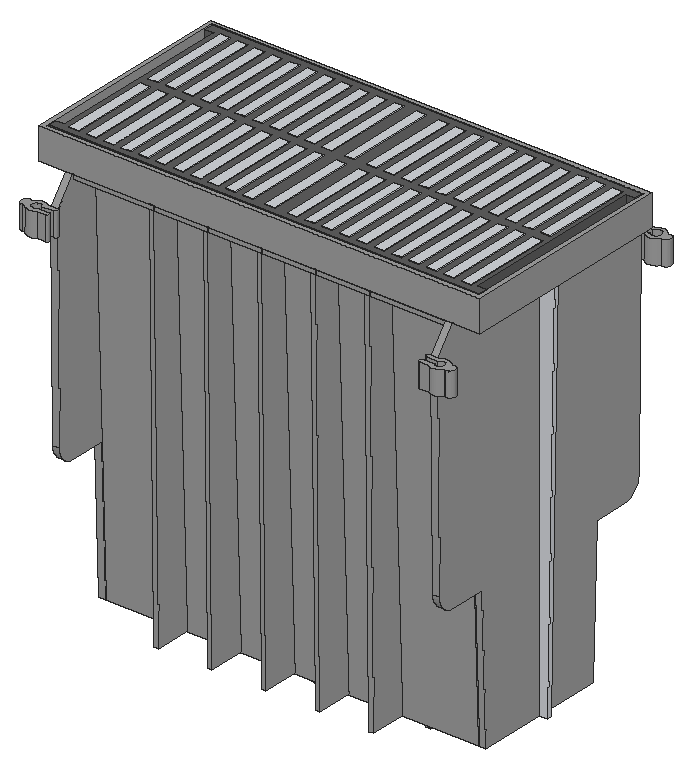
Revit family "Basin_Catch_12X24-Zurn-Z887-12", category Plumbing Fixtures, Revit 2022
Family settings
  Round Connector Dimension = Use Radius
  Part Type = Normal
  OmniClass Number = 23.70.50.21.24.14
  OmniClass Title = Deck Waste Water Drains
  Work Plane-Based = No
  Always vertical = Yes
  Cut with Voids When Loaded = No
  Maintain Annotation Orientation = No
  Shared = No
  Room Calculation Point = No
Parameters (values of type "Z887-12 With 3 Inch No Hub Bottom Outlet")
  Waste Connection = 1 = 1  # yes
  WFU = 1  # constant formula
  Vent Connection = 1 = 0  # no
  URL = "www.zurn.com"
  Type Comments = "Z887-12 With 3 Inch No Hub Bottom Outlet"
  Product data url = "https://www.bimobject.com/en-us/zurnindustries/product/zurn-z887-12"
  Product Page URL = "https://www.zurn.com/products/drainage-interceptors/trench-drain-systems/catch-basin/z887-12"
  Product Documentation Link = "https://files.zurn.com/spec-sheets/z887-12.pdf"
  Pipe Size_A End Outer Radius = Pipe Size_A End Outer Diameter / 2  # 1.750"
  Pipe Size_A End Outer Diameter = 3.500"
  Pipe Size_A End Nominal Radius = Pipe Size_A End Nominal Diameter / 2  # 1.500"
  Pipe Size_A End Nominal Diameter = 3.000"
  Pipe Size_A End Inside Radius = Pipe Size_A End Inside Diameter / 2  # 1.534"
  Pipe Size_A End Inside Diameter = 3.068"
  Pipe Size_A Bottom Outer Radius = Pipe Size_A Bottom Outer Diameter / 2  # 1.750"
  Pipe Size_A Bottom Outer Diameter = 3.500"
  Pipe Size_A Bottom Nominal Radius = Pipe Size_A Bottom Nominal Diameter / 2  # 1.500"
  Pipe Size_A Bottom Nominal Diameter = 3.000"
  Pipe Size_A Bottom Inside Radius = Pipe Size_A Bottom Inside Diameter / 2  # 1.534"
  Pipe Size_A Bottom Inside Diameter = 3.068"
  Modified Date = "12/02/2025"  # constant formula
  Model = "Z887-12"
  Manufacurer Brand = "Zurn"  # constant formula
  Manufacturer = "Zurn Water, LLC"  # constant formula
  Main Material = Polymer - Zurn - HDPE - Grey
  HWFU = 0  # constant formula
  HW Connection = 1 = 0  # no
  Grate = Ductile Iron - Zurn - Polished
  End Outlet = no
  Description = "12 [305] WIDE REVEAL BY 24-9/16 [624] LONG CATCH BASIN"  # constant formula
  Default Elevation = 20.000"  # constant formula
  Date Created = "05/12/2021"  # constant formula
  CWFU = 0  # constant formula
  CW Connection = 1 = 0  # no
  Bottom Outlet = yes
  Assembly Code = "D2030300"
Reference planes (in)
  plane 1 "Center (Front/Back)": y = 0
  plane 2: z = 0
  plane 3 "Center (Left/Right)": x = 0
  plane 4: x = 6
  plane 5: x = -6
  plane 6 "001": z = -24
  plane 7: y = 6.2547
  plane 8: y = -6.2453
  plane 9: y = 5.2547
  plane 10: y = -5.2453
  plane 11: x = -11.969
  plane 12: x = 11.969
  plane 13: y = 5.6297
  plane 14: y = -5.6203
  plane 15: y = 5.28001
  plane 16: y = -5.27061
  plane 17: x = -0.97168
  plane 18: x = -1.50832
  plane 19: x = -1.94168
  plane 20: x = -2.47832
  plane 21: x = -2.91168
  plane 22: x = -3.44832
  plane 23: x = -3.88168
  plane 24: x = -4.41832
  plane 25: x = -4.85168
  plane 26: x = -5.38832
  plane 27: x = -5.82168
  plane 28: x = -6.35832
  plane 29: x = -6.79168
  plane 30: x = -7.32832
  plane 31: x = -7.76168
  plane 32: x = -8.29832
  plane 33: x = -8.73168
  plane 34: x = -9.26832
  plane 35: x = -9.70168
  plane 36: x = 9.96875
  plane 37: x = 0.97168
  plane 38: x = 1.50832
  plane 39: x = 1.94168
  plane 40: x = 2.47832
  plane 41: x = 2.91168
  plane 42: x = 3.44832
  plane 43: x = 3.88168
  plane 44: x = 4.41832
  plane 45: x = 4.85168
  plane 46: x = 5.38832
  plane 47: x = 5.82168
  plane 48: x = 6.35832
  plane 49: x = 6.79168
  plane 50: x = 7.32832
  plane 51: x = 7.76168
  plane 52: x = 8.29832
  plane 53: x = 8.73168
  plane 54: x = 9.26832
  plane 55: x = 9.70168
  plane 56: x = -0.2685
  plane 57: x = 0.2685
  plane 58: y = 0.25
  plane 59: y = -0.2953
  plane 60: x = 11.3125
  plane 61: z = -1.771
  plane 62: z = -3.0835
  plane 63: y = -4.4953
  plane 64: y = 4.5047
  plane 65: y = -3.71405
  plane 66: y = 3.72345
  plane 67: z = -1.771
  plane 68: z = -3.0835
  plane 69: z = -1.75
  plane 70: z = -3.0835
  plane 71: z = -1.771
  plane 72: z = -3.0835
  plane 73: z = -1.771
  plane 74: z = -3.0835
  plane 75: x = -9.70168
  plane 76: x = -10.23832
  plane 77: x = -10.67168
  plane 78: x = -11.20832
  plane 79: x = 9.70168
  plane 80: x = 10.23832
  plane 81: x = 10.67168
  plane 82: x = 10.67168
  plane 83: x = 10.67168
  plane 84: x = 11.20832
  plane 85: x = 11.64168
  plane 86: x = -10.67168
  plane 87: x = -10.67168
  plane 88: x = -11.20832
  plane 89: x = -11.64168
  plane 90: y = 7.5
  plane 91: x = 10.8402
  plane 92: z = -1.771
  plane 93: z = -3.0835
  plane 94: z = -1.75
  plane 95: y = 6
  plane 96: y = -6
  plane 97: y = -13.1053
  plane 98: y = 12.42505
  plane 99: x = -11.78125
  plane 100: x = 9.97918
  plane 101: y = 4.48437
  plane 102: y = -4.48438
  plane 103: x = -10.78125
  plane 104: x = 10.78125
  plane 105: x = 11.969
  plane 106: x = 0.97168
  plane 107: x = 1.50832
  plane 108: x = 1.94168
  plane 109: x = 2.47832
  plane 110: x = 2.91168
  plane 111: x = 3.44832
  plane 112: x = 3.88168
  plane 113: x = 4.41832
  plane 114: x = 4.85168
  plane 115: x = 5.38832
  plane 116: x = 5.82168
  plane 117: x = 6.35832
  plane 118: x = 6.79168
  plane 119: x = 7.32832
  plane 120: x = 7.76168
  plane 121: x = 8.29832
  plane 122: x = 8.73168
  plane 123: x = 9.26832
  plane 124: x = 9.70168
  plane 125: y = 0.25
  plane 126: y = -0.2953
  plane 127: x = 9.70168
  plane 128: x = 10.23832
  plane 129: x = 10.67168
  plane 130: x = 11.20832
  plane 131: x = 10.67168
  plane 132: x = 10.67168
  plane 133: x = 11.20832
  plane 134: x = 11.64168
  plane 135: x = -12
  plane 136 "002": x = 12
  plane 137 "End Outlet": x = 12.29688
  plane 138: x = -12.29687
  plane 139: y = -5.6875
  plane 140: y = 5.6875
  plane 141: y = 1.534
  plane 142: y = -1.534
  plane 143: y = 1.75
  plane 144: y = -1.75
  plane 145: x = -1.5
  plane 146: x = 1.5
  plane 147: x = 1.75
  plane 148: x = -1.75
  plane 149: x = 1.534
  plane 150: x = -1.534
  plane 151: x = -11.2552
  plane 152: y = 7.61001
  plane 153: x = -10.8402
  plane 154: x = -11.2552
  plane 155: y = -7.47782
  plane 156: x = -10.8402
  plane 157: z = -1.771
  plane 158: z = -3.0835
  plane 159: z = -19
  plane 160: z = -22
  plane 161: z = -20.5
  plane 162: y = 3
  plane 163: y = -3
  plane 164: y = 1.5
  plane 165: y = -1.5
  plane 166 "Outlet": z = -25.5
  plane 167: x = -11.2552
  plane 168: y = 7.5
  plane 169: x = -10.8402
  plane 170: x = -11.2552
  plane 171: y = -7.58783
  plane 172: x = -10.8402
  plane 173: x = -11.2552
  plane 174: y = -7.47782
  plane 175: x = -10.8402
  plane 176: x = 11.2552
  plane 177: y = -7.47782
  plane 178: x = 10.8402
  plane 179: x = 11.2552
  plane 180: y = -7.58783
  plane 181: x = 10.8402
  plane 182: x = 11.2552
  plane 183: y = -7.47782
  plane 184: x = 10.8402
Forms (in)
  Extrusion 1, solid, material "Polymer - Zurn - HDPE - Grey" <- "Main Material", detail levels fine
    sketch origin (0.05982, 0.0047, -0.021) x (0, 1, 0) y (0, 0, 1)
      loop
        line (3.71875, -23.979) -> (4.5, -1.979) -> (5.9953, -1.979) -> (5.9953, -1.729) -> (4.25872, -1.729) -> (3.47747, -23.729) -> (-3.47747, -23.729) -> (-4.25872, -1.729) -> (-5.67968, -1.729) -> (-6.0047, -1.729) -> (-6.0047, -1.979) -> (-4.5, -1.979) -> (-3.71875, -23.979) -> (3.71875, -23.979)
    from -10.46607 to 10.34643
  Extrusion 2, solid, material "Polymer - Zurn - HDPE - Grey" <- "Main Material", detail levels fine
    sketch origin (0.0052, 0.11471, -1.24524) x (1, 0, 0) y (0, 1, 0)
      loop
        arc (11.03646, 7.51529) -> (11.60773, 7.38529) -> (11.03646, 7.25529) r 0.30043
        line (11.03646, 7.25529) -> (10.4973, 7.25529)
        arc (10.4973, 7.25529) -> (10.3673, 7.12529) -> (10.4973, 6.99529) r 0.13
        line (10.4973, 6.99529) -> (10.93711, 6.99529)
        arc (10.93711, 6.99529) -> (11.37801, 6.85224) -> (11.76637, 7.10529) r 0.53772
        line (11.76637, 7.10529) -> (11.8703, 7.10529)
        arc (11.8703, 7.10529) -> (12.1503, 7.38529) -> (11.8703, 7.66529) r 0.28
        line (11.8703, 7.66529) -> (11.72155, 7.66529)
        arc (11.72155, 7.66529) -> (11.38209, 7.87966) -> (10.99441, 7.77529) r 0.5
        line (10.99441, 7.77529) -> (10.49721, 7.77529)
        arc (10.49721, 7.77529) -> (10.36721, 7.64529) -> (10.49721, 7.51529) r 0.13
        line (10.49721, 7.51529) -> (11.03646, 7.51529)
      loop
        line (-11.04685, 7.51529) -> (-10.4503, 7.51529)
        arc (-10.4503, 7.51529) -> (-10.3203, 7.64529) -> (-10.4503, 7.77529) r 0.13
        line (-10.4503, 7.77529) -> (-10.9475, 7.77529)
        arc (-10.9475, 7.77529) -> (-11.33518, 7.87966) -> (-11.67464, 7.66529) r 0.5
        line (-11.67464, 7.66529) -> (-11.82339, 7.66529)
        arc (-11.82339, 7.66529) -> (-12.10339, 7.38529) -> (-11.82339, 7.10529) r 0.28
        line (-11.82339, 7.10529) -> (-11.67464, 7.10529)
        arc (-11.67464, 7.10529) -> (-11.33518, 6.89091) -> (-10.9475, 6.99529) r 0.5
        line (-10.9475, 6.99529) -> (-10.39823, 6.99529)
        arc (-10.39823, 6.99529) -> (-10.26823, 7.12529) -> (-10.39823, 7.25529) r 0.13
        line (-10.39823, 7.25529) -> (-11.04685, 7.25529)
        arc (-11.04685, 7.25529) -> (-11.51039, 7.38529) -> (-11.04685, 7.51529) r 0.25
      loop
        arc (-11.04685, -7.72253) -> (-11.51039, -7.59253) -> (-11.04685, -7.46253) r 0.25
        line (-11.04685, -7.46253) -> (-10.39823, -7.46253)
        arc (-10.39823, -7.46253) -> (-10.26823, -7.33253) -> (-10.39823, -7.20253) r 0.13
        line (-10.39823, -7.20253) -> (-10.9475, -7.20253)
        arc (-10.9475, -7.20253) -> (-11.33518, -7.09815) -> (-11.67464, -7.31253) r 0.5
        line (-11.67464, -7.31253) -> (-11.82339, -7.31253)
        arc (-11.82339, -7.31253) -> (-12.10339, -7.59253) -> (-11.82339, -7.87253) r 0.28
        line (-11.82339, -7.87253) -> (-11.67464, -7.87253)
        arc (-11.67464, -7.87253) -> (-11.33518, -8.0869) -> (-10.9475, -7.98253) r 0.5
        line (-10.9475, -7.98253) -> (-10.4503, -7.98253)
        arc (-10.4503, -7.98253) -> (-10.3203, -7.85253) -> (-10.4503, -7.72253) r 0.13
        line (-10.4503, -7.72253) -> (-11.04685, -7.72253)
      loop
        line (11.03646, -7.72253) -> (10.4399, -7.72253)
        arc (10.4399, -7.72253) -> (10.3099, -7.85253) -> (10.4399, -7.98253) r 0.13
        line (10.4399, -7.98253) -> (10.93711, -7.98253)
        arc (10.93711, -7.98253) -> (11.32479, -8.0869) -> (11.66425, -7.87253) r 0.5
        line (11.66425, -7.87253) -> (11.813, -7.87253)
        arc (11.813, -7.87253) -> (12.093, -7.59253) -> (11.813, -7.31253) r 0.28
        line (11.813, -7.31253) -> (11.66425, -7.31253)
        arc (11.66425, -7.31253) -> (11.32479, -7.09815) -> (10.93711, -7.20253) r 0.5
        line (10.93711, -7.20253) -> (10.38784, -7.20253)
        arc (10.38784, -7.20253) -> (10.25784, -7.33253) -> (10.38784, -7.46253) r 0.13
        line (10.38784, -7.46253) -> (11.03646, -7.46253)
        arc (11.03646, -7.46253) -> (11.5, -7.59253) -> (11.03646, -7.72253) r 0.25
    from -1.75 to -3.0625
  Extrusion 3, solid, material "Polymer - Zurn - HDPE - Grey" <- "Main Material", visible <- "End Outlet", detail levels fine
    sketch origin (0.15711, -0.03899, -1.29771) x (0, 1, 0) y (0, 0, 1)
      loop
        circle (0.03899, -19.20229) r 1.75
    from 9.82207 to 12.13976
  Extrusion 4, solid, detail levels fine
    sketch origin (0, 0.0047, -0.021) x (1, 0, 0) y (0, 1, 0)
      loop
        line (-0.97168, 5.27531) -> (-1.50832, 5.27531) -> (-1.50832, 0.2453) -> (-0.97168, 0.2453) -> (-0.97168, 5.27531)
      loop
        line (-1.94168, 5.27531) -> (-2.47832, 5.27531) -> (-2.47832, 0.2453) -> (-1.94168, 0.2453) -> (-1.94168, 5.27531)
      loop
        line (-2.91168, 5.27531) -> (-3.44832, 5.27531) -> (-3.44832, 0.2453) -> (-2.91168, 0.2453) -> (-2.91168, 5.27531)
      loop
        line (-3.88168, 5.27531) -> (-4.41832, 5.27531) -> (-4.41832, 0.2453) -> (-3.88168, 0.2453) -> (-3.88168, 5.27531)
      loop
        line (-4.85168, 5.27531) -> (-5.38832, 5.27531) -> (-5.38832, 0.2453) -> (-4.85168, 0.2453) -> (-4.85168, 5.27531)
      loop
        line (-5.82168, 5.27531) -> (-6.35832, 5.27531) -> (-6.35832, 0.2453) -> (-5.82168, 0.2453) -> (-5.82168, 5.27531)
      loop
        line (-6.79168, 5.27531) -> (-7.32832, 5.27531) -> (-7.32832, 0.2453) -> (-6.79168, 0.2453) -> (-6.79168, 5.27531)
      loop
        line (-7.76168, 5.27531) -> (-8.29832, 5.27531) -> (-8.29832, 0.2453) -> (-7.76168, 0.2453) -> (-7.76168, 5.27531)
      loop
        line (-8.73168, 5.27531) -> (-9.26832, 5.27531) -> (-9.26832, 0.2453) -> (-8.73168, 0.2453) -> (-8.73168, 5.27531)
      loop
        line (-0.97168, -5.27531) -> (-0.97168, -0.3) -> (-1.50832, -0.3) -> (-1.50832, -5.27531) -> (-0.97168, -5.27531)
      loop
        line (-1.94168, -5.27531) -> (-1.94168, -0.3) -> (-2.47832, -0.3) -> (-2.47832, -5.27531) -> (-1.94168, -5.27531)
      loop
        line (-2.875, -5.27531) -> (-2.875, -0.3) -> (-3.44832, -0.3) -> (-3.44832, -5.27531) -> (-2.875, -5.27531)
      loop
        line (-3.88168, -5.27531) -> (-3.88168, -0.3) -> (-4.41832, -0.3) -> (-4.41832, -5.27531) -> (-3.88168, -5.27531)
      loop
        line (-4.85168, -5.27531) -> (-4.85168, -0.3) -> (-5.38832, -0.3) -> (-5.38832, -5.27531) -> (-4.85168, -5.27531)
      loop
        line (-5.875, -5.27531) -> (-5.875, -0.3) -> (-6.35832, -0.3) -> (-6.35832, -5.27531) -> (-5.875, -5.27531)
      loop
        line (-6.79168, -5.27531) -> (-6.79168, -0.3) -> (-7.32832, -0.3) -> (-7.32832, -5.27531) -> (-6.79168, -5.27531)
      loop
        line (-7.76168, -5.27531) -> (-7.76168, -0.3) -> (-8.29832, -0.3) -> (-8.29832, -5.27531) -> (-7.76168, -5.27531)
      loop
        line (-8.73168, -5.27531) -> (-8.73168, -0.3) -> (-9.26832, -0.3) -> (-9.26832, -5.27531) -> (-8.73168, -5.27531)
      loop
        line (0.97168, 5.27531) -> (0.97168, 0.2453) -> (1.50832, 0.2453) -> (1.50832, 5.27531) -> (0.97168, 5.27531)
      loop
        line (1.94168, 5.27531) -> (1.94168, 0.2453) -> (2.47832, 0.2453) -> (2.47832, 5.27531) -> (1.94168, 5.27531)
      loop
        line (2.91168, 5.27531) -> (2.91168, 0.2453) -> (3.44832, 0.2453) -> (3.44832, 5.27531) -> (2.91168, 5.27531)
      loop
        line (3.88168, 5.27531) -> (3.88168, 0.2453) -> (4.41832, 0.2453) -> (4.41832, 5.27531) -> (3.88168, 5.27531)
      loop
        line (4.85168, 5.27531) -> (4.85168, 0.2453) -> (5.38832, 0.2453) -> (5.38832, 5.27531) -> (4.85168, 5.27531)
      loop
        line (5.82168, 5.27531) -> (5.82168, 0.2453) -> (6.35832, 0.2453) -> (6.35832, 5.27531) -> (5.82168, 5.27531)
      loop
        line (6.79168, 5.27531) -> (6.79168, 0.2453) -> (7.32832, 0.2453) -> (7.32832, 5.27531) -> (6.79168, 5.27531)
      loop
        line (7.76168, 5.27531) -> (7.76168, 0.2453) -> (8.29832, 0.2453) -> (8.29832, 5.27531) -> (7.76168, 5.27531)
      loop
        line (8.73168, 5.27531) -> (8.73168, 0.2453) -> (9.26832, 0.2453) -> (9.26832, 5.27531) -> (8.73168, 5.27531)
      loop
        line (0.97168, -5.27531) -> (1.50832, -5.27531) -> (1.50832, -0.3) -> (0.97168, -0.3) -> (0.97168, -5.27531)
      loop
        line (1.94168, -5.27531) -> (2.47832, -5.27531) -> (2.47832, -0.3) -> (1.94168, -0.3) -> (1.94168, -5.27531)
      loop
        line (2.91168, -5.27531) -> (3.44832, -5.27531) -> (3.44832, -0.3) -> (2.91168, -0.3) -> (2.91168, -5.27531)
      loop
        line (3.88168, -5.27531) -> (4.41832, -5.27531) -> (4.41832, -0.3) -> (3.88168, -0.3) -> (3.88168, -5.27531)
      loop
        line (4.85168, -5.27531) -> (5.38832, -5.27531) -> (5.38832, -0.3) -> (4.85168, -0.3) -> (4.85168, -5.27531)
      loop
        line (5.82168, -5.27531) -> (6.35832, -5.27531) -> (6.35832, -0.3) -> (5.82168, -0.3) -> (5.82168, -5.27531)
      loop
        line (6.79168, -5.27531) -> (7.32832, -5.27531) -> (7.32832, -0.3) -> (6.79168, -0.3) -> (6.79168, -5.27531)
      loop
        line (7.76168, -5.27531) -> (8.29832, -5.27531) -> (8.29832, -0.3) -> (7.76168, -0.3) -> (7.76168, -5.27531)
      loop
        line (8.73168, -5.27531) -> (9.26832, -5.27531) -> (9.26832, -0.3) -> (8.73168, -0.3) -> (8.73168, -5.27531)
      loop
        line (-0.2685, -5.27531) -> (0.2685, -5.27531) -> (0.2685, -0.3) -> (-0.2685, -0.3) -> (-0.2685, -5.27531)
      loop
        line (0.2685, 5.27531) -> (-0.2685, 5.27531) -> (-0.2685, 0.2453) -> (0.2685, 0.2453) -> (0.2685, 5.27531)
      loop
        line (-9.70168, 5.27531) -> (-10.23832, 5.27531) -> (-10.23832, 0.2453) -> (-9.70168, 0.2453) -> (-9.70168, 5.27531)
      loop
        line (-9.70168, -5.27531) -> (-9.70168, -0.3) -> (-10.23832, -0.3) -> (-10.23832, -5.27531) -> (-9.70168, -5.27531)
      loop
        line (-10.67168, 5.27531) -> (-11.20832, 5.27531) -> (-11.20832, 0.2453) -> (-10.67168, 0.2453) -> (-10.67168, 5.27531)
      loop
        line (9.70168, 5.27531) -> (9.70168, 0.2453) -> (10.23832, 0.2453) -> (10.23832, 5.27531) -> (9.70168, 5.27531)
      loop
        line (9.70168, -5.27531) -> (10.23832, -5.27531) -> (10.23832, -0.3) -> (9.70168, -0.3) -> (9.70168, -5.27531)
      loop
        line (10.67168, -5.27531) -> (11.20832, -5.27531) -> (11.20832, -0.3) -> (10.67168, -0.3) -> (10.67168, -5.27531)
      loop
        line (10.67168, 5.27531) -> (10.67168, 0.2453) -> (11.20832, 0.2453) -> (11.20832, 5.27531) -> (10.67168, 5.27531)
      loop
        line (-10.67168, -5.27531) -> (-10.67168, -0.3) -> (-11.20832, -0.3) -> (-11.20832, -5.27531) -> (-10.67168, -5.27531)
    from -1.38068 to 0.02532
  Extrusion 5, solid, material "Polymer - Zurn - HDPE - Grey" <- "Main Material", visible <- "Bottom Outlet", detail levels fine
    sketch origin (0, 0, -24) x (-1, 0, 0) y (0, -1, 0)
      loop
        circle (0, 0) r 1.75
    from 0 to -1.5
  Extrusion 6, solid, material "Polymer - Zurn - HDPE - Grey" <- "Main Material", detail levels fine
    sketch origin (6, 0.0047, -0.021) x (0, 1, 0) y (0, 0, -1)
      loop
        line (-6.0047, 1.75) -> (5.9953, 1.75) -> (5.70751, 23.979) -> (1.7453, 23.979) -> (1.7453, 25.479) -> (-1.7547, 25.479) -> (-1.7547, 23.979) -> (-5.70752, 23.979) -> (-6.0047, 1.75)
      loop
        circle (0.9953, 24.729) r 0.5
      loop
        circle (-1.0047, 24.729) r 0.5
    from -0.125 to 0.125
  Extrusion 7, solid, material "Polymer - Zurn - HDPE - Grey" <- "Main Material", detail levels fine
    sketch origin (3, 0.0047, -0.021) x (0, 1, 0) y (0, 0, -1)
      loop
        line (5.6828, 23.979) -> (-5.6922, 23.979) -> (-6.0047, 1.729) -> (5.9953, 1.729) -> (5.6828, 23.979)
    from -0.125 to 0.125
  Extrusion 8, solid, material "Polymer - Zurn - HDPE - Grey" <- "Main Material", detail levels fine
    sketch origin (0, 0.0047, -0.021) x (0, 1, 0) y (0, 0, -1)
      loop
        line (5.6828, 23.979) -> (-5.6922, 23.979) -> (-6.0047, 1.729) -> (5.9953, 1.729) -> (5.6828, 23.979)
    from -0.125 to 0.125
  Extrusion 9, solid, material "Polymer - Zurn - HDPE - Grey" <- "Main Material", detail levels fine
    sketch origin (-3, 0.0047, -0.021) x (0, 1, 0) y (0, 0, -1)
      loop
        line (5.6828, 23.979) -> (-5.71056, 23.979) -> (-6.00027, 1.729) -> (5.9953, 1.729) -> (5.6828, 23.979)
    from -0.125 to 0.125
  Extrusion 10, solid, material "Polymer - Zurn - HDPE - Grey" <- "Main Material", detail levels fine
    sketch origin (-6, 0.0047, -0.021) x (0, 1, 0) y (0, 0, -1)
      loop
        line (-6.0047, 1.729) -> (5.9953, 1.729) -> (5.6828, 23.979) -> (1.7453, 23.979) -> (1.7453, 25.479) -> (-1.7547, 25.479) -> (-1.7547, 23.979) -> (-5.6922, 23.979) -> (-6.0047, 1.729)
      loop
        circle (-1.0047, 24.729) r 0.5
      loop
        circle (0.9953, 24.729) r 0.5
    from -0.125 to 0.125
  Extrusion 11, solid, material "Polymer - Zurn - HDPE - Grey" <- "Main Material", detail levels fine
    sketch origin (13.452, 0.17856, -0.021) x (0, 1, 0) y (0, 0, -1)
      loop
        line (5.76227, 16) -> (3.82108, 16) -> (3.55314, 23.979) -> (-3.88584, 23.979) -> (-4.17821, 16) -> (-6.10374, 16)
        arc (-6.10374, 16) -> (-6.80623, 15.7117) -> (-7.10365, 15.01302) r 1
        line (-7.10365, 15.01302) -> (-7.25926, 3.0625) -> (-6.17856, 1.729) -> (5.82144, 1.729) -> (6.93003, 3.0625) -> (6.76217, 15.01404)
        arc (6.76217, 15.01404) -> (6.4644, 15.71205) -> (5.76227, 16) r 1
    from 3.04575 to 2.67075
  Extrusion 12, solid, material "Ductile Iron - Zurn - Polished" <- "Grate", detail levels fine
    sketch origin (-0.08581, 0, 0) x (1, 0, 0) y (0, 1, 0)
      loop
        line (-11.91419, 5.6875) -> (-11.91419, 5.1875) -> (-11.41419, 5.1875) -> (-11.41419, -5.1875) -> (-11.91419, -5.1875) -> (-11.91419, -5.6875) -> (12.08581, -5.6875) -> (12.08581, -5.1875) -> (11.58581, -5.1875) -> (11.58581, 5.1875) -> (12.08581, 5.1875) -> (12.08581, 5.6875) -> (-11.91419, 5.6875)
    from -1.75 to 0
  Extrusion 13, solid, material "Polymer - Zurn - HDPE - Grey" <- "Main Material", detail levels fine
    sketch origin (0, 0, 0) x (1, 0, 0) y (0, 1, 0)
      loop
        line (-12.29687, 6) -> (-12.29687, -6) -> (12.29688, -6) -> (12.29688, 6) -> (-12.29687, 6)
      loop
        line (-12.04687, 5.75) -> (-12.04687, -5.75) -> (12.04688, -5.75) -> (12.04688, 5.75) -> (-12.04687, 5.75)
    from 0 to -1.75
  Extrusion 14, void
    sketch origin (0, 0, 0) x (0, 1, 0) y (0, 0, 1)
      loop
        circle (0, -20.5) r 1.534
    from 10.78125 to 13.49163
  Extrusion 15, void
    sketch origin (0, 0, -24) x (-1, 0, 0) y (0, -1, 0)
      loop
        circle (0, 0) r 1.534
    from 9.4842 to -1.521
  Extrusion 16, solid, material "Polymer - Zurn - HDPE - Grey" <- "Main Material", detail levels fine
    sketch origin (-13.48864, 0.17856, -0.021) x (0, 1, 0) y (0, 0, 1)
      loop
        arc (5.76227, -16) -> (6.46418, -15.71227) -> (6.76217, -15.01466) r 1
        line (6.76217, -15.01466) -> (6.93707, -3.0625) -> (5.82144, -1.729) -> (-6.17856, -1.729) -> (-7.26595, -3.0625) -> (-7.10364, -15.01359)
        arc (-7.10364, -15.01359) -> (-6.80602, -15.7119) -> (-6.10374, -16) r 1
        line (-6.10374, -16) -> (-4.17821, -16) -> (-3.89805, -23.979) -> (3.54092, -23.979) -> (3.82108, -16) -> (5.76227, -16)
    from 3.08239 to 2.70739
  Extrusion 17, solid, detail levels fine
    sketch origin (0, 0, 0) x (-1, 0, 0) y (0, 0, -1)
      loop
        line (10.78125, 1.75) -> (11.65638, 1.75) -> (11.26801, 24) -> (10.78125, 24) -> (10.78125, 1.75)
    from -0.25 to 0.25
  Extrusion 18, solid, visible <- "Bottom Outlet", detail levels fine
    sketch origin (0, 0, 0) x (1, 0, 0) y (0, 0, 1)
      loop
        line (10.78125, -1.75) -> (10.78125, -24) -> (11.26787, -24) -> (11.65625, -1.75) -> (10.78125, -1.75)
    from -0.25 to 0
Cuts and joins
  Extrusion 14 cuts Extrusion 3
  Extrusion 14 cuts Extrusion 6
  Extrusion 14 cuts Extrusion 7
  Extrusion 14 cuts Extrusion 8
  Extrusion 14 cuts Extrusion 11
  Extrusion 15 cuts Extrusion 12
  Extrusion 15 cuts Extrusion 5
Lines and regions (in)
  Masking region 1
    outline origin (0, 0, 0) x (1, 0, 0) y (0, 1, 0)
      loop
        arc (-11.66944, 7.22) -> (-11.32999, 7.00562) -> (-10.94231, 7.11) r 0.5
        line (-10.94231, 7.11) -> (-10.78125, 7.11) -> (-10.78125, 6) -> (-12.29687, 6) -> (-12.29687, -6.0005) -> (-10.78125, -6.0005) -> (-10.78125, -7.08782) -> (-10.94231, -7.08782)
        arc (-10.94231, -7.08782) -> (-11.31647, -6.98159) -> (-11.65355, -7.17564) r 0.5
        line (-11.65355, -7.17564) -> (-11.8182, -7.19782)
        arc (-11.8182, -7.19782) -> (-12.0982, -7.47782) -> (-11.8182, -7.75782) r 0.28
        line (-11.8182, -7.75782) -> (-11.66944, -7.75782)
        arc (-11.66944, -7.75782) -> (-11.32999, -7.97219) -> (-10.94231, -7.86782) r 0.5
        line (-10.94231, -7.86782) -> (-10.4451, -7.86782)
        arc (-10.4451, -7.86782) -> (-10.3151, -7.73782) -> (-10.4451, -7.60782) r 0.13
        line (-10.4451, -7.60782) -> (-11.04166, -7.60782)
        arc (-11.04166, -7.60782) -> (-11.5052, -7.47782) -> (-11.04166, -7.34782) r 0.25
        line (-11.04166, -7.34782) -> (-10.39303, -7.34782)
        arc (-10.39303, -7.34782) -> (-10.2632, -7.2112) -> (-10.40625, -7.08849) r 0.13
        line (-10.40625, -7.08849) -> (-10.40625, -5.9953) -> (10.40625, -5.9953) -> (10.40625, -7.08849)
        arc (10.40625, -7.08849) -> (10.2632, -7.2112) -> (10.39303, -7.34782) r 0.13
        line (10.39303, -7.34782) -> (11.04166, -7.34782)
        arc (11.04166, -7.34782) -> (11.5052, -7.47782) -> (11.04166, -7.60782) r 0.25
        line (11.04166, -7.60782) -> (10.4451, -7.60782)
        arc (10.4451, -7.60782) -> (10.3151, -7.73782) -> (10.4451, -7.86782) r 0.13
        line (10.4451, -7.86782) -> (10.94231, -7.86782)
        arc (10.94231, -7.86782) -> (11.32999, -7.97219) -> (11.66944, -7.75782) r 0.5
        line (11.66944, -7.75782) -> (11.8182, -7.75782)
        arc (11.8182, -7.75782) -> (12.0982, -7.47782) -> (11.8182, -7.19782) r 0.28
        line (11.8182, -7.19782) -> (11.65355, -7.17564)
        arc (11.65355, -7.17564) -> (11.31647, -6.98159) -> (10.94231, -7.08782) r 0.5
        line (10.94231, -7.08782) -> (10.78125, -7.08782) -> (10.78125, -6) -> (12.29688, -6) -> (12.29688, 6) -> (10.78125, 6) -> (10.78125, 7.11) -> (10.94231, 7.11)
        arc (10.94231, 7.11) -> (11.38321, 6.96695) -> (11.77157, 7.22) r 0.53772
        line (11.77157, 7.22) -> (11.8755, 7.22)
        arc (11.8755, 7.22) -> (12.1555, 7.5) -> (11.8755, 7.78) r 0.28
        line (11.8755, 7.78) -> (11.72675, 7.78)
        arc (11.72675, 7.78) -> (11.38729, 7.99438) -> (10.99961, 7.89) r 0.5
        line (10.99961, 7.89) -> (10.5024, 7.89)
        arc (10.5024, 7.89) -> (10.3724, 7.76) -> (10.5024, 7.63) r 0.13
        line (10.5024, 7.63) -> (11.04166, 7.63)
        arc (11.04166, 7.63) -> (11.61293, 7.5) -> (11.04166, 7.37) r 0.30043
        line (11.04166, 7.37) -> (10.5025, 7.37)
        arc (10.5025, 7.37) -> (10.38363, 7.29263) -> (10.40625, 7.15262) r 0.13
        line (10.40625, 7.15262) -> (10.40625, 6) -> (-10.40625, 6) -> (-10.40625, 7.11067)
        arc (-10.40625, 7.11067) -> (-10.2632, 7.23338) -> (-10.39303, 7.37) r 0.13
        line (-10.39303, 7.37) -> (-11.04166, 7.37)
        arc (-11.04166, 7.37) -> (-11.5052, 7.5) -> (-11.04166, 7.63) r 0.25
        line (-11.04166, 7.63) -> (-10.4451, 7.63)
        arc (-10.4451, 7.63) -> (-10.3151, 7.76) -> (-10.4451, 7.89) r 0.13
        line (-10.4451, 7.89) -> (-10.94231, 7.89)
        arc (-10.94231, 7.89) -> (-11.32999, 7.99438) -> (-11.66944, 7.78) r 0.5
        line (-11.66944, 7.78) -> (-11.8182, 7.78)
        arc (-11.8182, 7.78) -> (-12.0982, 7.5) -> (-11.8182, 7.22) r 0.28
        line (-11.8182, 7.22) -> (-11.66944, 7.22)
  model lines, detail levels coarse+medium
    curve 1: line (-12, 5.6875, 0) -> (12, 5.6875, 0)
    curve 2: line (-12, -5.6875, 0) -> (-12, 5.6875, 0)
    curve 3: line (12, -5.6875, 0) -> (-12, -5.6875, 0)
    curve 5: line (-10.28571, 5.6875, 0) -> (-10.28571, -5.6875, 0)
    curve 6: line (-8.57143, 5.6875, 0) -> (-8.57143, -5.6875, 0)
    curve 7: line (-6.85714, 5.6875, 0) -> (-6.85714, -5.6875, 0)
    curve 8: line (-5.14286, 5.6875, 0) -> (-5.14286, -5.6875, 0)
    curve 9: line (-3.42857, 5.6875, 0) -> (-3.42857, -5.6875, 0)
    curve 10: line (-1.71429, 5.6875, 0) -> (-1.71429, -5.6875, 0)
    curve 11: line (0, 5.6875, 0) -> (0, -5.6875, 0)
    curve 12: line (10.28571, 5.6875, 0) -> (10.28571, -5.6875, 0)
    curve 13: line (8.57143, 5.6875, 0) -> (8.57143, -5.6875, 0)
    curve 14: line (6.85714, 5.6875, 0) -> (6.85714, -5.6875, 0)
    curve 15: line (5.14286, 5.6875, 0) -> (5.14286, -5.6875, 0)
    curve 16: line (3.42857, 5.6875, 0) -> (3.42857, -5.6875, 0)
    curve 17: line (1.71429, 5.6875, 0) -> (1.71429, -5.6875, 0)
    curve 18: line (-12, 3.79167, 0) -> (12, 3.79167, 0)
    curve 19: line (-12, 1.89583, 0) -> (12, 1.89583, 0)
    curve 20: line (-12, 0, 0) -> (12, 0, 0)
    curve 21: line (-12, -3.79167, 0) -> (12, -3.79167, 0)
    curve 22: line (-12, -1.89583, 0) -> (12, -1.89583, 0)
    curve 23: line (10.78125, 0, -24) -> (10.78125, 0, -1.75)
    curve 24: line (-10.78125, 0, -24) -> (10.78125, 0, -24)
    curve 29: line (10.78125, 0, -1.75) -> (12, 0, -1.75)
    curve 30: line (12, 0, -1.75) -> (12, 0, 0)
    curve 31: line (-10.78125, 0, -1.75) -> (-10.78125, 0, -24)
    curve 32: line (-10.78125, 0, -1.75) -> (-12, 0, -1.75)
    curve 33: line (-12, 0, -1.75) -> (-12, 0, 0)
    curve 36: line (-12.29687, 6, 0) -> (12.29688, 6, 0)
    curve 37: line (-12.29687, -6, 0) -> (-12.29687, 6, 0)
    curve 38: line (12.29688, -6, 0) -> (-12.29687, -6, 0)
    curve 39: line (12.29688, 6, 0) -> (12.29688, -6, 0)
  model lines
    curve 4: line (12, 5.6875, 0) -> (12, -5.6875, 0)
  model lines, visible <- "Bottom Outlet", detail levels coarse+medium
    curve 25: line (0, 1.5, -25.5) -> (0, -1.5, -25.5)
    curve 26: line (-1.5, 0, -25.5) -> (1.5, 0, -25.5)
    curve 35: line (0, 0, -25.5) -> (0, 0, -24)
  model lines, visible <- "End Outlet", detail levels coarse+medium
    curve 27: line (12.29688, 0, -19) -> (12.29688, 0, -22)
    curve 28: line (12.29688, 1.5, -20.5) -> (12.29688, -1.5, -20.5)
    curve 34: line (10.78125, 0, -20.5) -> (12.29688, 0, -20.5)
Dimensions and locks (in)
  equal spacing: plane 5, plane 3 "Center (Left/Right)", plane 4
  locked: plane 5 to plane 4 at 12
  level to plane 6 "001" = 24.000"
  plane 11 to plane 12 = 23.938"
  locked: plane 11 to plane 12 at 23.938
  plane 14 to plane 13 = 11.250"
  locked: plane 13 to plane 14 at 11.25
  locked: plane 18 to plane 17 at 0.53664
  locked: plane 20 to plane 19 at 0.53664
  locked: plane 19 to plane 18 at 0.43336
  locked: plane 22 to plane 21 at 0.53664
  locked: plane 24 to plane 23 at 0.53664
  locked: plane 26 to plane 25 at 0.53664
  locked: plane 28 to plane 27 at 0.53664
  locked: plane 30 to plane 29 at 0.53664
  locked: plane 32 to plane 31 at 0.53664
  locked: plane 34 to plane 33 at 0.53664
  locked: plane 35 to plane 34 at 0.43336
  locked: plane 21 to plane 20 at 0.43336
  locked: plane 23 to plane 22 at 0.43336
  locked: plane 25 to plane 24 at 0.43336
  locked: plane 27 to plane 26 at 0.43336
  locked: plane 29 to plane 28 at 0.43336
  locked: plane 31 to plane 30 at 0.43336
  locked: plane 33 to plane 32 at 0.43336
  locked: plane 39 to plane 38 at 0.43336
  locked: plane 41 to plane 40 at 0.43336
  locked: plane 43 to plane 42 at 0.43336
  locked: plane 45 to plane 44 at 0.43336
  locked: plane 47 to plane 46 at 0.43336
  locked: plane 49 to plane 48 at 0.43336
  locked: plane 51 to plane 50 at 0.43336
  locked: plane 53 to plane 52 at 0.43336
  locked: plane 54 to plane 55 at 0.43336
  locked: plane 56 to plane 57 at 0.537
  plane 58 to plane 59 = 0.5453"
  plane 65 to plane 66 = 7.4375"
  locked: plane 14 to plane 16 at 0.34969
  locked: plane 13 to plane 15 at 0.34969
  locked: plane 76 to plane 75 at 0.53664
  locked: plane 78 to plane 77 at 0.53664
  locked: plane 80 to plane 81 at 0.43336
  locked: plane 84 to plane 85 at 0.43336
  locked: plane 88 to plane 87 at 0.53664
  locked: level to plane 94 at 1.75
  locked: level to plane 6 "001" at 24
  equal spacing: plane 95, plane 1 "Center (Front/Back)", plane 96
  locked: plane 95 to plane 96 at 12
  plane 99 to plane 3 "Center (Left/Right)" to plane 100 = 11.78125", 9.97918"
  locked: plane 99 to plane 100 at 21.76043
  equal spacing: plane 101, plane 1 "Center (Front/Back)", plane 102
  locked: plane 101 to plane 102 at 8.96875
  locked: level to Extrusion 4 at 1.40169
  plane 103 to plane 3 "Center (Left/Right)" to plane 104 = 10.78125", 10.78125"
  plane 103 to plane 104 = 21.5625"
  plane 1 "Center (Front/Back)" to plane 58 = 0.250"
  locked: plane 107 to plane 106 at 0.53664
  locked: plane 109 to plane 108 at 0.53664
  locked: plane 108 to plane 107 at 0.43336
  locked: plane 111 to plane 110 at 0.53664
  locked: plane 113 to plane 112 at 0.53664
  locked: plane 115 to plane 114 at 0.53664
  locked: plane 117 to plane 116 at 0.53664
  locked: plane 119 to plane 118 at 0.53664
  locked: plane 121 to plane 120 at 0.53664
  locked: plane 123 to plane 122 at 0.53664
  locked: plane 110 to plane 109 at 0.43336
  locked: plane 112 to plane 111 at 0.43336
  locked: plane 114 to plane 113 at 0.43336
  locked: plane 116 to plane 115 at 0.43336
  locked: plane 118 to plane 117 at 0.43336
  locked: plane 120 to plane 119 at 0.43336
  locked: plane 122 to plane 121 at 0.43336
  plane 125 to plane 126 = 0.5453"
  locked: plane 128 to plane 127 at 0.53664
  locked: plane 130 to plane 129 at 0.53664
  locked: plane 133 to plane 132 at 0.53664
  locked: plane 1 "Center (Front/Back)" to plane 125 at 0.25
  equal spacing: plane 135, plane 3 "Center (Left/Right)", plane 136 "002"
  locked: plane 135 to plane 136 "002" at 24
  equal spacing: plane 138, plane 3 "Center (Left/Right)", plane 137 "End Outlet"
  locked: plane 138 to plane 137 "End Outlet" at 24.59375
  plane 140 to plane 1 "Center (Front/Back)" to plane 139 = 5.6875", 5.6875"
  locked: plane 140 to plane 139 at 11.375
  locked: Extrusion 6 sketch curve to plane 1 "Center (Front/Back)" at 1
  locked: plane 1 "Center (Front/Back)" to Extrusion 6 sketch curve at 1
  locked: plane 6 "001" to Extrusion 6 sketch curve at 0.75  (x2)
  equal spacing: plane 143, plane 1 "Center (Front/Back)", plane 144
  "Pipe Size_A End Outer Diameter": plane 143 to plane 144
  equal spacing: plane 141, plane 1 "Center (Front/Back)", plane 142
  "Pipe Size_A End Inside Diameter": plane 141 to plane 142
  Extrusion 3 sketch curve to plane 6 "001" = 3.500"
  Extrusion 14 sketch curve to plane 6 "001" = 3.500"
  equal spacing: plane 145, plane 3 "Center (Left/Right)", plane 146
  equal spacing: plane 148, plane 3 "Center (Left/Right)", plane 147
  equal spacing: plane 150, plane 3 "Center (Left/Right)", plane 149
  "Pipe Size_A Bottom Nominal Diameter": plane 145 to plane 146
  "Pipe Size_A Bottom Inside Diameter": plane 150 to plane 149
  "Pipe Size_A Bottom Outer Diameter": plane 148 to plane 147
  locked: Extrusion 13 sketch curve to Extrusion 13 sketch curve at 0.25  (x4)
  locked: cut or joined group of Extrusion 12, Extrusion 15 to cut or joined group of Extrusion 12, Extrusion 15 at 0.5
  locked: Extrusion 12 sketch curve to Extrusion 12 sketch curve at 0.5  (x2)
  locked: plane 60 to Extrusion 2 sketch curve at 0.563
  locked: Extrusion 2 sketch curve to plane 60 at 0.8101
  equal spacing: Extrusion 2 sketch curve, plane 90, Extrusion 2 sketch curve
  locked: Extrusion 2 sketch curve to Extrusion 2 sketch curve at 0.78  (x4)
  Extrusion 2 sketch curve to plane 90 to Extrusion 2 sketch curve = 0.130" locked, 0.130" locked
  plane 3 "Center (Left/Right)" to plane 154 = 11.2552"
  equal spacing: Extrusion 12 sketch curve, Extrusion 12 sketch curve, plane 1 "Center (Front/Back)"
  plane 101 to Extrusion 12 sketch curve to Extrusion 12 sketch curve = 0.70313" locked, 0.500" locked
  locked: Extrusion 4 sketch curve to Extrusion 4 sketch curve at 0.43336
  locked: Extrusion 4 sketch curve to Extrusion 4 sketch curve at 0.70318  (x2)
  locked: Extrusion 1 sketch curve to Extrusion 13 at 0.25
  locked: Extrusion 1 sketch curve to Extrusion 1 sketch curve at 0.25  (x2)
  Extrusion 11 sketch curve to Extrusion 9 = 1.10239"
  Extrusion 11 sketch curve to cut or joined group of Extrusion 7, Extrusion 14 = 1.12722"
  equal spacing: Extrusion 11 sketch curve, plane 1 "Center (Front/Back)", Extrusion 11 sketch curve  (x2)
  locked: Extrusion 11 sketch curve to Extrusion 11 sketch curve at 7.9993
  locked: Extrusion 11 sketch curve to Extrusion 11 sketch curve at 7.43897
  plane 6 "001" to Extrusion 8 = 22.250"
  equal spacing: cut or joined group of Extrusion 8, Extrusion 14, plane 3 "Center (Left/Right)", cut or joined group of Extrusion 8, Extrusion 14, locked at 0.125 each
  locked: cut or joined group of Extrusion 7, Extrusion 14 to cut or joined group of Extrusion 7, Extrusion 14 at 0.25
  locked: cut or joined group of Extrusion 7, Extrusion 14 to plane 3 "Center (Left/Right)" at 2.875
  locked: Extrusion 9 to Extrusion 9 at 0.25
  locked: plane 3 "Center (Left/Right)" to Extrusion 9 at 2.875
  Extrusion 10 to plane 5 to Extrusion 10 = 0.125" locked, 0.125" locked
  cut or joined group of Extrusion 6, Extrusion 14 to plane 4 to cut or joined group of Extrusion 6, Extrusion 14 = 0.125" locked, 0.125" locked
  Extrusion 2 sketch curve to plane 60 = 0.810"
  locked: plane 1 "Center (Front/Back)" to plane 90 at 7.5
  cut or joined group of Extrusion 11, Extrusion 14 to plane 137 "End Outlet" = 1.51563"
  Extrusion 16 sketch curve to Extrusion 16 sketch curve = 7.9993"
  locked: Extrusion 16 sketch curve to Extrusion 16 sketch curve at 7.9993
  Extrusion 16 sketch curve to Extrusion 16 sketch curve = 7.43897"
  locked: Extrusion 16 sketch curve to Extrusion 16 sketch curve at 7.43897
  plane 103 to Extrusion 16 to Extrusion 16 = 0.000", 0.375"
  locked: cut or joined group of Extrusion 11, Extrusion 14 to cut or joined group of Extrusion 11, Extrusion 14 at 0.375
  locked: Extrusion 16 to Extrusion 16 at 0.375
  locked: plane 104 to plane 3 "Center (Left/Right)" at 10.78125
  locked: plane 3 "Center (Left/Right)" to plane 103 at 10.78125
  equal spacing: curve 1, curve 18, curve 19, curve 20, curve 22, curve 21, curve 3, locked at 1.89583 each
  equal spacing: curve 2, curve 5, curve 6, curve 7, curve 8, curve 9, curve 10, curve 11, curve 17, curve 16, curve 15, curve 14, curve 13, curve 12, curve 4, locked at 1.71429 each
  plane 135 to plane 138 = 0.29687"
  equal spacing: plane 159, plane 161, plane 160
  "Pipe Size_A End Nominal Diameter": plane 159 to plane 160
  equal spacing: plane 164, plane 1 "Center (Front/Back)", plane 165
  "Pipe Size_A End Nominal Diameter": plane 164 to plane 165
  locked: plane 161 to plane 6 "001" at 3.5
  locked: plane 6 "001" to plane 166 "Outlet" at 1.5
  plane 3 "Center (Left/Right)" to plane 167 = 11.2552"
  locked: plane 167 to Extrusion 2 sketch curve at 0.563
  locked: Extrusion 2 sketch curve to plane 167 at 0.8101
  equal spacing: Extrusion 2 sketch curve, plane 168, Extrusion 2 sketch curve
  Extrusion 2 sketch curve to plane 168 to Extrusion 2 sketch curve = 0.130" locked, 0.130" locked
  locked: plane 168 to Extrusion 2 sketch curve at 0.28
  plane 3 "Center (Left/Right)" to plane 173 = 11.2552"
  locked: plane 173 to Extrusion 2 sketch curve at 0.563
  locked: Extrusion 2 sketch curve to plane 173 at 0.8101
  equal spacing: Extrusion 2 sketch curve, plane 174, Extrusion 2 sketch curve
  Extrusion 2 sketch curve to plane 174 to Extrusion 2 sketch curve = 0.130" locked, 0.130" locked
  equal spacing: Extrusion 16 sketch curve, curve 31, Extrusion 16 sketch curve, locked at 3.99965 each
  equal spacing: Extrusion 16 sketch curve, curve 31, Extrusion 16 sketch curve, locked at 3.71949 each
  locked: Extrusion 16 to Extrusion 1 sketch curve at 0.25
  locked: Extrusion 17 to Extrusion 17 at 0.5
  Extrusion 17 to curve 31 to Extrusion 17 = 0.250" locked, 0.250" locked
  locked: Extrusion 17 sketch curve to Extrusion 16 at 0.87513
  locked: Extrusion 17 sketch curve to Extrusion 16 at 0.48676
  Extrusion 18 sketch curve to cut or joined group of Extrusion 11, Extrusion 14 = 0.875"
  locked: Extrusion 18 sketch curve to cut or joined group of Extrusion 11, Extrusion 14 at 0.48662
  Extrusion 17 to plane 1 "Center (Front/Back)" to Extrusion 17 = 0.250" locked, 0.250" locked
  locked: plane 171 to plane 96 at 1.58783
  equal spacing: Extrusion 2 sketch curve, plane 174, Extrusion 2 sketch curve, locked at 0.28 each
  plane 3 "Center (Left/Right)" to plane 176 = 11.2552"
  plane 3 "Center (Left/Right)" to plane 182 = 11.2552"
  locked: plane 182 to Extrusion 2 sketch curve at 0.563
  locked: Extrusion 2 sketch curve to plane 182 at 0.8101
  equal spacing: Extrusion 2 sketch curve, plane 183, Extrusion 2 sketch curve
  Extrusion 2 sketch curve to plane 183 to Extrusion 2 sketch curve = 0.130" locked, 0.130" locked
  locked: plane 180 to plane 96 at 1.58783
  equal spacing: Extrusion 2 sketch curve, plane 183, Extrusion 2 sketch curve, locked at 0.28 each
  "Pipe Size_A End Outer Radius": radius of Extrusion 3 sketch curve
  "Pipe Size_A Bottom Outer Radius": radius of Extrusion 5 sketch curve
  "Pipe Size_A End Inside Radius": radius of Extrusion 14 sketch curve
  "Pipe Size_A Bottom Inside Radius": radius of Extrusion 15 sketch curve
  radius of Extrusion 2 sketch curve = 0.280"  (x4)
  radius of Extrusion 2 sketch curve = 0.500"  (x4)
  radius of Extrusion 11 sketch curve = 1.000"
  radius of Extrusion 16 sketch curve = 1.000"
  aligned and locked: plane 2 to level
  aligned and locked: Extrusion 4 sketch curve to plane 15  (x5)
  aligned and locked: Extrusion 4 sketch curve to plane 16  (x5)
  aligned and locked: plane 15 to Extrusion 4 sketch curve  (x6)
  aligned and locked: plane 16 to Extrusion 4 sketch curve  (x5)
  aligned and locked: Extrusion 4 sketch curve to plane 56
  aligned and locked: Extrusion 4 sketch curve to plane 57
  aligned and locked: Extrusion 6 sketch curve to plane 61
  aligned and locked: plane 64 to Extrusion 1 sketch curve
  aligned and locked: Extrusion 12 sketch curve to plane 136 "002"
  aligned and locked: plane 136 "002" to Extrusion 12 sketch curve
  aligned and locked: Extrusion 12 sketch curve to plane 135  (x2)
  aligned and locked: plane 95 to Extrusion 13 sketch curve
  aligned and locked: Extrusion 13 sketch curve to plane 96
  aligned and locked: Extrusion 13 to plane 94
  aligned and locked: level to Extrusion 13
  aligned and locked: Extrusion 10 sketch curve to plane 6 "001"  (x2)
  aligned and locked: Extrusion 10 sketch curve to Extrusion 6  (x2)
  aligned and locked: Extrusion 3 to plane 100
  aligned and locked: plane 1 "Center (Front/Back)" to Extrusion 14 sketch curve
  aligned and locked: plane 3 "Center (Left/Right)" to Extrusion 15 sketch curve
  aligned and locked: plane 1 "Center (Front/Back)" to Extrusion 15 sketch curve
  aligned and locked: Extrusion 11 sketch curve to plane 6 "001"
  aligned and locked: Extrusion 4 sketch curve to Extrusion 4 sketch curve  (x107)
  aligned and locked: Extrusion 9 to Extrusion 4 sketch curve
  aligned and locked: plane 125 to Extrusion 4 sketch curve
  aligned and locked: plane 126 to Extrusion 4 sketch curve  (x4)
  aligned and locked: plane 90 to Extrusion 2 sketch curve  (x3)
  aligned and locked: plane 60 to Extrusion 2 sketch curve  (x3)
  aligned and locked: Extrusion 1 sketch curve to plane 94
  aligned and locked: plane 94 to Extrusion 1 sketch curve  (x3)
  aligned and locked: Extrusion 13 sketch curve to plane 137 "End Outlet"
  aligned and locked: plane 138 to Extrusion 13 sketch curve
  aligned and locked: Extrusion 12 sketch curve to Extrusion 12 sketch curve
  aligned and locked: plane 3 "Center (Left/Right)" to Extrusion 5 sketch curve
  aligned and locked: plane 1 "Center (Front/Back)" to Extrusion 5 sketch curve
  aligned and locked: Extrusion 1 sketch curve to Extrusion 1 sketch curve
  aligned and locked: plane 93 to Extrusion 11 sketch curve  (x2)
  aligned and locked: Extrusion 6 sketch curve to plane 6 "001"
  aligned and locked: plane 95 to Extrusion 6 sketch curve
  aligned and locked: plane 96 to Extrusion 6 sketch curve
  aligned and locked: Extrusion 10 sketch curve to plane 144
  aligned and locked: Extrusion 10 sketch curve to plane 143
  aligned and locked: plane 139 to Extrusion 10 sketch curve
  aligned and locked: plane 140 to Extrusion 10 sketch curve
  aligned and locked: plane 96 to Extrusion 10 sketch curve
  aligned and locked: Extrusion 7 sketch curve to plane 6 "001"
  aligned and locked: plane 140 to Extrusion 7 sketch curve
  aligned and locked: plane 139 to Extrusion 7 sketch curve
  aligned and locked: plane 96 to Extrusion 7 sketch curve
  aligned and locked: plane 95 to Extrusion 7 sketch curve
  aligned and locked: plane 94 to Extrusion 7 sketch curve
  aligned and locked: plane 94 to Extrusion 8 sketch curve
  aligned and locked: Extrusion 8 sketch curve to plane 6 "001"
  aligned and locked: plane 139 to Extrusion 8 sketch curve
  aligned and locked: plane 140 to Extrusion 8 sketch curve
  aligned and locked: plane 95 to Extrusion 8 sketch curve
  aligned and locked: plane 94 to plane 69
  aligned and locked: plane 96 to Extrusion 8 sketch curve
  aligned and locked: Extrusion 9 sketch curve to plane 6 "001"
  aligned and locked: plane 94 to Extrusion 9 sketch curve
  aligned and locked: plane 95 to Extrusion 9 sketch curve
  aligned and locked: plane 140 to Extrusion 9 sketch curve
  aligned and locked: plane 94 to Extrusion 10 sketch curve
  aligned and locked: plane 95 to Extrusion 10 sketch curve
  aligned and locked: Extrusion 16 to Extrusion 1
  aligned and locked: cut or joined group of Extrusion 11, Extrusion 14 to Extrusion 1
  aligned and locked: plane 104 to cut or joined group of Extrusion 11, Extrusion 14
  aligned and locked: Extrusion 16 to plane 103
  aligned and locked: curve 1 to plane 140
  aligned and locked: curve 4 to plane 136 "002"
  aligned and locked: Extrusion 1 to plane 6 "001"
  aligned and locked: curve 24 to plane 6 "001"
  aligned and locked: plane 135 to curve 2
  aligned and locked: curve 25 to plane 3 "Center (Left/Right)"
  aligned and locked: plane 145 to curve 26
  aligned and locked: plane 146 to curve 26
  aligned and locked: plane 1 "Center (Front/Back)" to curve 26
  aligned and locked: plane 159 to curve 27
  aligned and locked: plane 160 to curve 27
  aligned and locked: curve 27 to plane 1 "Center (Front/Back)"
  aligned and locked: plane 161 to curve 28
  aligned and locked: plane 164 to curve 25
  aligned and locked: plane 165 to curve 25
  aligned and locked: plane 164 to curve 28
  aligned and locked: plane 165 to curve 28
  aligned and locked: plane 161 to Extrusion 3 sketch curve
  aligned and locked: plane 1 "Center (Front/Back)" to Extrusion 3 sketch curve
  aligned and locked: plane 137 "End Outlet" to cut or joined group of Extrusion 3, Extrusion 14
  aligned and locked: cut or joined group of Extrusion 11, Extrusion 14 to cut or joined group of Extrusion 11, Extrusion 14
  aligned and locked: cut or joined group of Extrusion 5, Extrusion 15 to plane 166 "Outlet"
  aligned and locked: cut or joined group of Extrusion 5, Extrusion 15 to Extrusion 1
  aligned and locked: Extrusion 2 sketch curve to plane 168  (x3)
  aligned and locked: Extrusion 2 sketch curve to plane 167  (x3)
  aligned and locked: Masking region 1 sketch curve to Extrusion 2  (x25)
  aligned and locked: plane 174 to Extrusion 2 sketch curve  (x3)
  aligned and locked: plane 173 to Extrusion 2 sketch curve  (x3)
  aligned and locked: Masking region 1 sketch curve to Extrusion 13
  aligned and locked: Extrusion 13 to plane 138
  aligned and locked: Extrusion 13 to plane 95
  aligned and locked: Masking region 1 to plane 103  (x2)
  aligned and locked: plane 96 to Extrusion 13
  aligned and locked: plane 137 "End Outlet" to Extrusion 13
  aligned and locked: plane 96 to Extrusion 1
  aligned and locked: plane 96 to Masking region 1
  aligned and locked: plane 137 "End Outlet" to Masking region 1
  aligned and locked: Masking region 1 to plane 95  (x3)
  aligned and locked: Extrusion 1 to plane 95
  aligned and locked: plane 104 to Masking region 1
  aligned and locked: Masking region 1 to plane 138
  aligned and locked: plane 104 to curve 23
  aligned and locked: level to curve 3
  aligned and locked: plane 136 "002" to curve 30
  aligned and locked: curve 29 to plane 94
  aligned and locked: plane 94 to curve 32
  aligned and locked: plane 135 to curve 33
  aligned and locked: curve 31 to plane 103
  aligned and locked: plane 137 "End Outlet" to curve 34
  aligned and locked: plane 138 to curve 37
  aligned and locked: plane 95 to curve 36
  aligned and locked: curve 39 to plane 137 "End Outlet"
  aligned and locked: curve 38 to plane 96
  aligned and locked: Extrusion 16 sketch curve to cut or joined group of Extrusion 11, Extrusion 14  (x2)
  aligned and locked: plane 95 to Extrusion 16 sketch curve
  aligned and locked: plane 94 to Extrusion 16 sketch curve  (x2)
  aligned and locked: plane 158 to Extrusion 16 sketch curve  (x2)
  aligned and locked: plane 96 to Extrusion 16 sketch curve
  aligned and locked: Extrusion 6 sketch curve to plane 166 "Outlet"
  aligned and locked: Extrusion 6 sketch curve to plane 144
  aligned and locked: Extrusion 6 sketch curve to plane 143
  aligned and locked: Extrusion 10 sketch curve to plane 166 "Outlet"
  aligned and locked: plane 6 "001" to Extrusion 1 sketch curve  (x2)
  aligned and locked: plane 66 to Extrusion 1 sketch curve
  aligned and locked: plane 65 to Extrusion 1 sketch curve
  aligned and locked: Extrusion 1 sketch curve to plane 95
  aligned and locked: Extrusion 1 sketch curve to plane 96
  aligned and locked: plane 63 to Extrusion 1 sketch curve
  aligned and locked: Extrusion 17 sketch curve to plane 6 "001"
  aligned and locked: plane 94 to Extrusion 17 sketch curve  (x2)
  aligned and locked: plane 103 to Extrusion 17 sketch curve  (x2)
  aligned and locked: plane 6 "001" to Extrusion 18 sketch curve
  aligned and locked: plane 104 to Extrusion 18 sketch curve
  aligned and locked: Extrusion 18 sketch curve to plane 94
  aligned and locked: Extrusion 2 sketch curve to plane 183  (x3)
  aligned and locked: Extrusion 2 sketch curve to plane 182  (x3)
  aligned and locked: plane 95 to Extrusion 11 sketch curve
  aligned and locked: plane 94 to Extrusion 11 sketch curve  (x2)
  aligned and locked: plane 96 to Extrusion 11 sketch curve
  aligned and locked: plane 6 "001" to curve 35
  aligned and locked: plane 166 "Outlet" to curve 35
  aligned and locked: curve 35 to plane 3 "Center (Left/Right)"
Automatic sketch dimensions
  curve 3 to plane 139 = 0.000"
  Extrusion 12 sketch curve to plane 139 = 0.000"
  plane 139 to Extrusion 12 sketch curve = 0.500"  (x2)
  plane 139 to Extrusion 1 sketch curve = 0.01253"
  Extrusion 2 sketch curve to plane 90 = 0.000"
  plane 99 to Extrusion 2 sketch curve = 0.11181"  (x2)
  plane 153 to Extrusion 2 sketch curve = 0.20146"  (x2)
  plane 103 to Extrusion 2 sketch curve = 0.38822"  (x2)
  Extrusion 2 sketch curve to plane 104 = 0.38822"
  plane 91 to Extrusion 2 sketch curve = 0.10211"  (x2)
  plane 91 to Extrusion 2 sketch curve = 0.20146"  (x2)
  Extrusion 4 sketch curve to plane 78 = 0.000"
  Extrusion 4 sketch curve to plane 77 = 0.000"
  Extrusion 4 sketch curve to plane 35 = 0.000"
  Extrusion 4 sketch curve to plane 34 = 0.000"
  Extrusion 4 sketch curve to plane 33 = 0.000"
  Extrusion 4 sketch curve to plane 32 = 0.000"
  Extrusion 4 sketch curve to plane 31 = 0.000"
  Extrusion 4 sketch curve to plane 30 = 0.000"
  Extrusion 4 sketch curve to plane 29 = 0.000"
  Extrusion 4 sketch curve to plane 28 = 0.000"
  Extrusion 4 sketch curve to plane 27 = 0.000"
  Extrusion 4 sketch curve to plane 26 = 0.000"
  Extrusion 4 sketch curve to plane 25 = 0.000"
  Extrusion 4 sketch curve to plane 24 = 0.000"
  Extrusion 4 sketch curve to plane 23 = 0.000"
  Extrusion 4 sketch curve to plane 22 = 0.000"
  Extrusion 4 sketch curve to plane 21 = 0.000"
  Extrusion 4 sketch curve to plane 20 = 0.000"
  Extrusion 4 sketch curve to plane 19 = 0.000"
  Extrusion 4 sketch curve to plane 18 = 0.000"
  Extrusion 4 sketch curve to plane 38 = 0.000"
  Extrusion 4 sketch curve to plane 39 = 0.000"
  Extrusion 4 sketch curve to plane 40 = 0.000"
  Extrusion 4 sketch curve to plane 41 = 0.000"
  Extrusion 4 sketch curve to plane 42 = 0.000"
  Extrusion 4 sketch curve to plane 43 = 0.000"
  Extrusion 4 sketch curve to plane 44 = 0.000"
  Extrusion 4 sketch curve to plane 45 = 0.000"
  Extrusion 4 sketch curve to plane 46 = 0.000"
  Extrusion 4 sketch curve to plane 47 = 0.000"
  Extrusion 4 sketch curve to plane 48 = 0.000"
  Extrusion 4 sketch curve to plane 49 = 0.000"
  Extrusion 4 sketch curve to plane 50 = 0.000"
  Extrusion 4 sketch curve to plane 51 = 0.000"  (x2)
  Extrusion 4 sketch curve to plane 52 = 0.000"
  Extrusion 4 sketch curve to plane 53 = 0.000"
  Extrusion 4 sketch curve to plane 54 = 0.000"
  Extrusion 4 sketch curve to plane 55 = 0.000"
  Extrusion 4 sketch curve to plane 80 = 0.000"
  Extrusion 4 sketch curve to plane 81 = 0.000"
  plane 16 to Extrusion 4 sketch curve = 0.000"
  Extrusion 4 sketch curve to plane 84 = 0.000"  (x2)
  plane 27 to Extrusion 4 sketch curve = 0.05332"
  Extrusion 6 sketch curve to plane 6 "001" = 0.000"
  Extrusion 6 sketch curve to plane 139 = 0.01532"
  plane 140 to Extrusion 6 sketch curve = 0.02472"
  Extrusion 9 sketch curve to plane 139 = 0.01836"
  Extrusion 9 sketch curve to plane 96 = 0.00443"
  plane 96 to Extrusion 11 sketch curve = 0.92509"
  Extrusion 11 sketch curve to plane 96 = 0.07483"
  plane 163 to Extrusion 11 sketch curve = 0.70727"
  plane 95 to Extrusion 11 sketch curve = 0.05916"
  Extrusion 11 sketch curve to plane 95 = 0.94074"
  Extrusion 11 sketch curve to Extrusion 11 sketch curve = 0.01302"
  Extrusion 16 sketch curve to plane 6 "001" = 0.000"
  plane 96 to Extrusion 16 sketch curve = 0.92508"
  plane 96 to Extrusion 16 sketch curve = 1.08739"
  Extrusion 16 sketch curve to plane 95 = 0.94073"
  Extrusion 16 sketch curve to plane 95 = 1.11564"
  Masking region 1 sketch curve to Masking region 1 sketch curve = 0.000"  (x8)
  plane 95 to Masking region 1 sketch curve = 0.000"  (x3)
  Masking region 1 sketch curve to plane 138 = 0.000"
  Masking region 1 sketch curve to plane 103 = 0.000"  (x2)
  Masking region 1 sketch curve to plane 104 = 0.000"  (x2)
  plane 96 to Masking region 1 sketch curve = 0.000"
  plane 99 to Masking region 1 sketch curve = 0.1277"
  Masking region 1 sketch curve to Masking region 1 sketch curve = 0.16106"  (x3)
  Masking region 1 sketch curve to plane 96 = 0.0047"
  plane 103 to Masking region 1 sketch curve = 0.375"
  Masking region 1 sketch curve to Masking region 1 sketch curve = 0.01322"
  Masking region 1 sketch curve to plane 104 = 0.38822"
  Masking region 1 sketch curve to plane 104 = 0.375"
  Masking region 1 sketch curve to Masking region 1 sketch curve = 0.375"
  Masking region 1 sketch curve to plane 104 = 0.33615"
  plane 104 to Masking region 1 sketch curve = 0.16106"  (x2)
  plane 104 to Masking region 1 sketch curve = 0.26041"
  Masking region 1 sketch curve to Masking region 1 sketch curve = 0.21354"
  Masking region 1 sketch curve to plane 136 "002" = 0.34645"
  Masking region 1 sketch curve to plane 136 "002" = 0.33056"
  Masking region 1 sketch curve to plane 136 "002" = 0.1818"
  plane 96 to Masking region 1 sketch curve = 1.86782"
  Masking region 1 sketch curve to Masking region 1 sketch curve = 0.110"
  Masking region 1 sketch curve to Masking region 1 sketch curve = 0.130"  (x2)
  Masking region 1 sketch curve to Masking region 1 sketch curve = 0.280"
  Masking region 1 sketch curve to Masking region 1 sketch curve = 0.02218"
  plane 96 to Masking region 1 sketch curve = 0.0005"
  curve 34 to plane 161 = 0.000"
  curve 30 to level = 0.000"
  curve 33 to level = 0.000"
  radius of Extrusion 6 sketch curve = 0.500"  (x2)
Connectors (in)
  piping at (12.29688, 0, -20.5), diameter 3, driven by "Pipe Size_A End Nominal Radius", driven by "Waste Connection", driven by "Waste Connection"
    settings: on cut or joined group of Extrusion 3, Extrusion 14, index 2, connector inside diameter 24", connector length 0.000", flow factor 0, pipe flow 0 GPM, pressure drop 0.00 psi, fitting loss kfactor 0, connector angle 0.00°, fixture units 0, engagement length 0.000", angle of deflection 0.00°, flow configuration 0, flow direction 2, fitting loss method 0, system type 16, joint type 0, gender type 0, connector reference index -1, connector utility 1, adjustable connector yes, is connector primary yes, connector description "Sanitary Outlet"
  piping at (0, 0, -25.5), diameter 3, driven by "Pipe Size_A Bottom Nominal Radius", driven by "Waste Connection", driven by "Waste Connection"
    settings: on cut or joined group of Extrusion 5, Extrusion 15, index 3, connector inside diameter 24", connector length 0.000", flow factor 0, pipe flow 0 GPM, pressure drop 0.00 psi, fitting loss kfactor 0, connector angle 0.00°, fixture units 0, engagement length 0.000", angle of deflection 0.00°, flow configuration 0, flow direction 2, fitting loss method 0, system type 16, joint type 0, gender type 0, connector reference index -1, connector utility 1, adjustable connector yes, is connector primary no, connector description "Sanitary Outlet"
